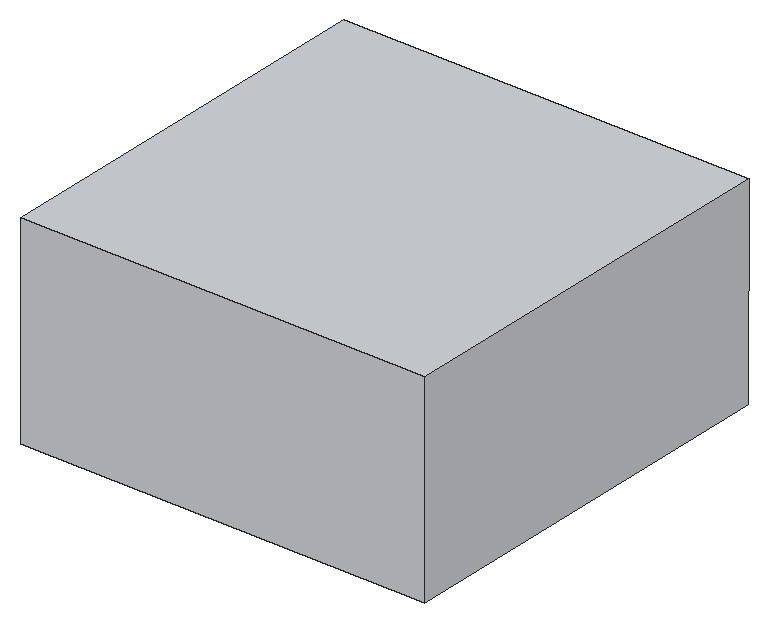
Revit family "Junction Box with Special Purpose Outlet", category Electrical Fixtures, host Face, Revit 2025
Family settings
  Host = Face
  Round Connector Dimension = Use Diameter
  Part Type = Junction Box
  Cut with Voids When Loaded = No
  Maintain Annotation Orientation = Yes
  Shared = No
  Room Calculation Point = No
Parameters (values of type "Wall Mounted")
  Width = 3"
  Wall Mounted = not(Face Mounted)  # yes
  Symbol Distance [instance] = 0"
  Height = 3"
  Face Mounted = no
  Depth - Top = Depth * 2 / 3  # 1"
  Depth - Back = Depth * 1 / 3  # 1/2"
  Depth = 1 1/2"
  Default Elevation = 48"
Types (2): name | Wall Mounted | Face Mounted
  Face Mounted | no | yes
  Wall Mounted | yes | no
Reference planes (in)
  plane 1 "Center (Front/Back)": y = 0
  plane 2: z = 0
  plane 3 "Center (Left/Right)": x = 0
  plane 4: z = 1
  plane 5 "base": z = -0.5
Forms (in)
  Extrusion 1, solid, detail levels medium+fine
    sketch origin (0, 0, -0.5) x (-1, 0, 0) y (0, -1, 0)
      loop
        line (1.5, -1.5) -> (1.5, 1.5) -> (-1.5, 1.5) -> (-1.5, -1.5) -> (1.5, -1.5)
    from 0 to 1.5
Dimensions and locks (in)
  equal spacing: Extrusion 1 sketch curve, plane 3 "Center (Left/Right)", Extrusion 1 sketch curve
  "Width": Extrusion 1 sketch curve to Extrusion 1 sketch curve
  "Height": Extrusion 1 sketch curve to Extrusion 1 sketch curve
  equal spacing: Extrusion 1 sketch curve, plane 1 "Center (Front/Back)", Extrusion 1 sketch curve
  "Depth - Back": plane 2 to plane 5 "base"
  "Depth - Top": plane 4 to plane 2
  aligned and locked: plane 2 to host face
  aligned and locked: level to host face
  aligned and locked: plane 4 to Extrusion 1
Automatic sketch dimensions
  host sketch curve to host sketch curve = 96"  (x2)
Nested families (in)
  nested 1: "Face Mounted" at (0, 0, 0), visible <- "Face Mounted", type "Standard"
  nested 2: "Wall Mounted" at (0, 0, 0), visible <- "Wall Mounted", type "Standard"
Connectors (in)
  electrical at (0, 0, 1)
    settings: on Extrusion 1, index 1, voltage 0 V, apparent load 0 VA, apparent load phase1 0 VA, apparent load phase2 0 VA, apparent load phase3 0 VA, power factor 1, load classification "Other", number of poles 1, system type 31, power factor state 1, is connector primary yes, connector utility no, sub classification motor no, connector description ""
Definition of nested family "Face Mounted"
  Reference planes (in)
    plane 1: y = 0
    plane 2: x = 0
  Lines and regions (in)
    Filled region 1, type "Solid Black"
      outline origin (-0.02462, 0.02136, 0) x (1, 0, 0) y (0, 1, 0)
        loop
          line (0.02462, -0.14636) -> (0.13287, 0.04114) -> (-0.08364, 0.04114) -> (0.02462, -0.14636)
    detail lines
      curve 1: circle (0, 0, 0) r 0.125 normal (0, 0, 1)
Definition of nested family "Wall Mounted"
  Parameters (values of type "Standard")
    Symbol Distance = 0"
  Reference planes (in)
    plane 1: y = 0
    plane 2: x = 0
  Lines and regions (in)
    Filled region 1, type "Solid Black"
      outline origin (0, 0, 0) x (1, 0, 0) y (0, 1, 0)
        loop
          line (0, 0) -> (0.10825, 0.1875) -> (-0.10825, 0.1875) -> (0, 0)
    Filled region 2, type "Solid Black", not visible
      outline origin (0, 0, 0) x (1, 0, 0) y (0, 1, 0)
        loop
          line (0, 0) -> (0.10825, 0.1875) -> (-0.10825, 0.1875) -> (0, 0)
    detail lines
      curve 1: circle (0, 0.125, 0) r 0.125 normal (0, 0, 1)
    reference lines
      curve 2: line (-0.15017, 0, 0) -> (0.17734, 0, 0)
    detail lines, not visible
      curve 3: circle (0, 0.125, 0) r 0.125 normal (0, 0, 1)
    reference lines, not visible
      curve 4: line (-0.15017, 0, 0) -> (0.17734, 0, 0)
  Dimensions and locks (in)
    "Symbol Distance": plane 1 to curve 2
  Automatic sketch dimensions
    Filled region 1 sketch curve to Filled region 1 sketch curve = 0.10825"  (x2)
    Filled region 1 sketch curve to Filled region 1 sketch curve = 3/16"
    Filled region 2 sketch curve to Filled region 2 sketch curve = 0.10825"  (x2)
    Filled region 2 sketch curve to Filled region 2 sketch curve = 3/16"
